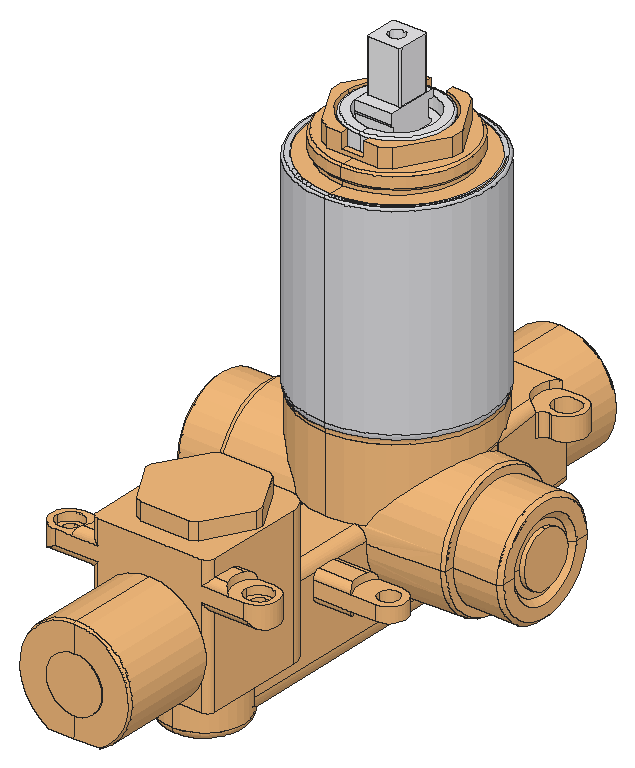
Revit family "Shower-VALVE-KOHLER-K-880T_1", category Plumbing Fixtures, host Face, Revit 2017
Family settings
  Host = Face
  Round Connector Dimension = Use Diameter
  Part Type = Normal
  OmniClass Number = 23.31.17.00
  OmniClass Title = Showers
  Cut with Voids When Loaded = No
  Shared = No
  Room Calculation Point = No
Parameters (values of type "CP- Polished Chrome")
  Width = 3 119/256"  # constant formula
  WaterSense Certified = 1 = 0  # no
  Waste Water Outlet = "Waste Water Outlet"  # constant formula
  Waste Connection = 1 = 0  # no
  Vent Connection = 1 = 0  # no
  URL = "http://www.kohler.com.cn/"
  Type = 1
  Tempered watet outlet 1 = "Tempered watet outlet 1"  # constant formula
  Tempered water outlet 2 = "Tempered water outlet 2"  # constant formula
  Product Page URL = "https://www.kohler.com.cn/product/K-880T-CP/K-880T-CP/"
  Product Name = "Aqua Turbo\r\n"  # constant formula
  Product Documentation Link = "https://files.kohler.com.cn/pdfs/880T.pdf"
  Pressure = 0.00 psi
  Model = if(Type = 1, "K-880T-CP", if(Type = 2, "K-880T-AF", if(Type = 3, "K-880T-SN", if(Type = 4, "K-880T-BN", if(Type = 5, "K-880T-BV", if(Type = 6, "K-880T-2BZ", "NA"))))))  # "K-880T-CP"
  Material = "Premium Metal construction"  # constant formula
  Master Format 2014 Name = "Residential Showers"  # constant formula
  Master Format 2014 = "22 42 23"  # constant formula
  Manufacturer Address = "Kohler Beijing Office (100016)b36-2-03-B, No. 88, Liuxiang Road, Beijing"  # constant formula
  Manufacturer = "KOHLER Co."  # constant formula
  Length = 5 3/8"  # constant formula
  Hot Water Inlet = "Hot Water Inlet"  # constant formula
  Height = 6 127/256"  # constant formula
  HW Connection = 1 = 1  # yes
  Flow Rate = 0 GPM
  Finish = Kohler-Metal-CP-Polished_Chrome
  Environmental Product Declaration = ""
  Drain Included = 1 = 0  # no
  Description = "40mm large flow in-wall shower spool"  # constant formula
  Default Elevation = 42"
  Declare Label = ""
  Date Modified = "02/25/2021"  # constant formula
  Date Created = "02/25/2021"  # constant formula
  Copyright = "Copyright KOHLER Co."  # constant formula
  Contact Us = "http://www.kohler.com.cn/contact/contact-us/"
  Cold Water Inlet = "Cold Water Inlet"  # constant formula
  CW Connection = 1 = 1  # yes
  Assembly Code = "D2010700"
  ADA Compliant = 1 = 0  # no
Reference planes (in)
  plane 1 "Center (Front/Back)": y = 0
  plane 2: z = 0
  plane 3 "Center (Left/Right)": x = 0
  plane 4: y = 2.20472
  plane 5: x = -1.73242
  plane 6: x = 1.73242
  plane 7: y = -2.55906
  plane 8: y = -4.29137
  plane 9: z = -2.46017
  plane 10: z = 2.87506
  plane 11: z = -1.43655
  plane 12: z = -2.49994
  plane 13: y = -0.18513
Forms (in)
  Extrusion 1, void
    sketch origin (0, 0, 0) x (0, 1, 0) y (0, 0, 1)
      loop
        line (2.20472, -0.49213) -> (-4.29137, -0.49213) -> (-4.29137, -2.5) -> (2.20472, -2.5) -> (2.20472, -0.49213)
    from -1.73228 to 1.73228
  Revolve 2, void
    sketch origin (0, 0, 0) x (1, 0, 0) y (0, 0, 1)
      loop
        line (0, 0.99418) -> (-0.96471, 0.99418) -> (-0.96471, -0.50899) -> (0, -0.50899) -> (0, 0.99418)
      axis (0, 0.99418) -> (0, -0.50899)
    angle from 0 to 360
  Extrusion 3, void
    sketch origin (0, 0, 0) x (1, 0, 0) y (0, 1, 0)
      loop
        arc (0.58917, -2.5974) -> (0.59045, -2.55906) -> (0.58917, -2.52071) r 0.57429
        line (0.58917, -2.52071) -> (0.32773, -2.06788)
        arc (0.32773, -2.06788) -> (0.29315, -2.04658) -> (0.25728, -2.02756) r 0.6267
        line (0.25728, -2.02756) -> (-0.25755, -2.02756)
        arc (-0.25755, -2.02756) -> (-0.29343, -2.04658) -> (-0.328, -2.06788) r 0.6267
        line (-0.328, -2.06788) -> (-0.58944, -2.52071)
        arc (-0.58944, -2.52071) -> (-0.59072, -2.55906) -> (-0.58944, -2.5974) r 0.57429
        line (-0.58944, -2.5974) -> (-0.328, -3.05023)
        arc (-0.328, -3.05023) -> (-0.29358, -3.07179) -> (-0.25755, -3.09055) r 0.51277
        line (-0.25755, -3.09055) -> (0.25728, -3.09055)
        arc (0.25728, -3.09055) -> (0.2933, -3.07179) -> (0.32773, -3.05023) r 0.51277
        line (0.32773, -3.05023) -> (0.58917, -2.5974)
    from -0.49213 to -0.24256
  Extrusion 4, void
    sketch origin (0, 0, 0) x (1, 0, 0) y (0, 1, 0)
      loop
        circle (-0.0012, 0.00049) r 0.97882
    from -0.49213 to 12
Dimensions and locks (in)
  host face to Extrusion 1 sketch curve = 2 1/2"
  "Height": plane 8 to plane 4
  equal spacing: plane 5, plane 3 "Center (Left/Right)", plane 6
  "Width": plane 5 to plane 6
  locked: plane 11 to plane 9 at 1.02362
  locked: level to plane 12 at 2.49994
  "Length": plane 10 to plane 12
  locked: plane 1 "Center (Front/Back)" to plane 7 at 2.55906
  plane 12 to level = 2.49994"
  aligned and locked: plane 2 to host face
  aligned and locked: level to host face
  aligned and locked: plane 4 to nested 1
  aligned and locked: plane 5 to nested 1
  aligned and locked: plane 6 to nested 1
  aligned and locked: plane 7 to nested 1
  aligned and locked: plane 8 to nested 1
  aligned and locked: plane 9 to nested 1
  aligned and locked: plane 10 to nested 1
  aligned and locked: plane 11 to nested 1
  aligned and locked: plane 12 to nested 1
Automatic sketch dimensions
  host sketch curve to host sketch curve = 96"  (x2)
  Extrusion 1 sketch curve to plane 8 = 0"
  Extrusion 1 sketch curve to plane 4 = 0"
  Extrusion 1 sketch curve to level = 0.49213"
  Revolve 2 sketch curve to plane 3 "Center (Left/Right)" = 0"  (x2)
  Revolve 2 sketch curve to plane 5 = 0.76771"
  Revolve 2 sketch curve to level = 0.50899"
  level to Revolve 2 sketch curve = 0.99418"
  Revolve 2 sketch curve to Revolve 2 sketch curve = 0.24418"
  Revolve 2 sketch curve to Revolve 2 sketch curve = 2.25582"
  plane 7 to Extrusion 3 sketch curve = 0"  (x2)
  Extrusion 3 sketch curve to plane 7 = 0.03835"  (x2)
  Extrusion 3 sketch curve to plane 3 "Center (Left/Right)" = 0.58944"
  plane 7 to Extrusion 3 sketch curve = 0.03835"  (x2)
  Extrusion 3 sketch curve to plane 3 "Center (Left/Right)" = 0.328"  (x2)
  Extrusion 3 sketch curve to Extrusion 3 sketch curve = 0.07045"  (x4)
  Extrusion 3 sketch curve to plane 3 "Center (Left/Right)" = 0.03888"
  Extrusion 3 sketch curve to plane 3 "Center (Left/Right)" = 0.01814"
  Extrusion 3 sketch curve to plane 3 "Center (Left/Right)" = 0.01643"
  plane 3 "Center (Left/Right)" to Extrusion 3 sketch curve = 0.01616"
  plane 3 "Center (Left/Right)" to Extrusion 3 sketch curve = 0.01786"
  plane 3 "Center (Left/Right)" to Extrusion 3 sketch curve = 0.0386"
  plane 3 "Center (Left/Right)" to Extrusion 3 sketch curve = 0.25728"  (x2)
  Extrusion 3 sketch curve to Extrusion 3 sketch curve = 0.26144"
  plane 7 to Extrusion 3 sketch curve = 0.06769"  (x2)
  plane 7 to Extrusion 3 sketch curve = 0.49118"
  plane 7 to Extrusion 3 sketch curve = 0.03145"  (x2)
  Extrusion 3 sketch curve to plane 7 = 0.49118"
  Extrusion 4 sketch curve to plane 1 "Center (Front/Back)" = 0.00049"
  Extrusion 4 sketch curve to plane 3 "Center (Left/Right)" = 0.0012"
  radius of Extrusion 4 sketch curve = 0.97882"
Nested families (in)
  nested 1: "K-880T" at (-0.00014, -4.29134, -1.43655) x (1, 0, 0) z (0, 1, 0), type "K-880T"
Connectors (in)
  piping at (-0.00014, -4.29134, -1.43655), diameter 0.5, driven by "Flow Rate", driven by "HW Connection", driven by "Tempered water outlet 2"
    settings: on nested 1, index 2, connector inside diameter 24", connector length 0", flow factor 0, pipe flow 0 GPM, pressure drop 0.00 psi, fitting loss kfactor 0, connector angle 0.00°, fixture units 0, engagement length 0", angle of deflection 0.00°, flow configuration 0, flow direction 2, fitting loss method 0, system type 19, joint type 0, gender type 0, connector reference index -1, connector utility 1, adjustable connector no, is connector primary yes, connector description "Tempered water outlet 2"
  piping at (-0.00014, 2.20472, -1.43655), diameter 0.5, driven by "Flow Rate", driven by "Tempered watet outlet 1", driven by "HW Connection"
    settings: on nested 1, index 3, connector inside diameter 24", connector length 0", flow factor 0, pipe flow 0 GPM, pressure drop 0.00 psi, fitting loss kfactor 0, connector angle 0.00°, fixture units 0, engagement length 0", angle of deflection 0.00°, flow configuration 0, flow direction 2, fitting loss method 0, system type 19, joint type 0, gender type 0, connector reference index -1, connector utility 1, adjustable connector no, is connector primary no, connector description "Tempered watet outlet 1"
  piping at (-1.73242, -0.18526, -1.43655), diameter 0.5, driven by "Flow Rate", driven by "HW Connection", driven by "Hot Water Inlet"
    settings: on nested 1, index 4, connector inside diameter 24", connector length 0", flow factor 0, pipe flow 0 GPM, pressure drop 0.00 psi, fitting loss kfactor 0, connector angle 0.00°, fixture units 0, engagement length 0", angle of deflection 0.00°, flow configuration 0, flow direction 1, fitting loss method 0, system type 19, joint type 0, gender type 0, connector reference index -1, connector utility 1, adjustable connector no, is connector primary no, connector description "Hot Water Inlet"
  piping at (1.73215, -0.18526, -1.43655), diameter 0.5, driven by "Flow Rate", driven by "CW Connection", driven by "Cold Water Inlet"
    settings: on nested 1, index 5, connector inside diameter 24", connector length 0", flow factor 0, pipe flow 0 GPM, pressure drop 0.00 psi, fitting loss kfactor 0, connector angle 0.00°, fixture units 0, engagement length 0", angle of deflection 0.00°, flow configuration 0, flow direction 1, fitting loss method 0, system type 20, joint type 0, gender type 0, connector reference index -1, connector utility 1, adjustable connector no, is connector primary no, connector description "Cold Water Inlet"
Definition of nested family "K-880T"
  Parameters (values of type "K-880T")
    Material = none
    Default Elevation = 48"
  Reference planes (in)
    plane 1 "Center (Front/Back)": y = 0
    plane 2: z = 0
    plane 3 "Center (Left/Right)": x = 0
    plane 4: z = 6.49606
    plane 5: x = 1.73228
    plane 6: x = -1.73228
    plane 7: y = 1.02362
    plane 8 "2": z = 4.29134
    plane 9: z = 1.73228
    plane 10: z = 1.73228
    plane 11: y = -4.31057
    plane 12: z = 0
    plane 13: y = 1.06339
    plane 14: z = 4.09449
    plane 15: y = -1.43661
  Forms (in)
    Revolve 1, solid, detail levels medium+fine
      sketch origin (0, 0, 0) x (0, 1, 0) y (0, 0, 1)
        loop
          line (0, 6.43701) -> (-0.3588, 6.43701) -> (-0.41785, 6.49606) -> (-0.55549, 6.49606) -> (-0.59055, 6.461) -> (-0.59055, 5.55118) -> (-0.63166, 5.55118) -> (-0.63166, 3.67118) -> (0, 3.67118) -> (0, 6.43701)
        axis (0, 6.49606) -> (0, 3.67118)
      angle from 0 to 360
    Revolve 2, solid, material <- "Material", detail levels medium+fine
      sketch origin (0, 0, 0) x (0, 1, 0) y (0, 0, 1)
        loop
          line (-3.11447, 4.29134) -> (-0.98258, 4.29134) -> (-0.98258, 5.24601)
          arc (-0.98258, 5.24601) -> (-1.00849, 5.25341) -> (-1.03532, 5.25591) r 0.14554
          line (-1.03532, 5.25591) -> (-3.16592, 5.25591)
          arc (-3.16592, 5.25591) -> (-3.1819, 5.24929) -> (-3.18852, 5.23331) r 0.0226
          line (-3.18852, 5.23331) -> (-3.18852, 5.18682) -> (-3.11447, 5.18682) -> (-3.11447, 4.29134)
        axis (-3.18852, 4.29134) -> (-0.98258, 4.29134)
      angle from 0 to 360
    Extrusion 3, solid, detail levels medium+fine
      sketch origin (0, 0, 0) x (1, 0, 0) y (0, 0, 1)
        loop
          arc (0.64674, 4.23043) -> (0.64964, 4.29134) -> (0.64674, 4.35225) r 0.64125
          line (0.64674, 4.35225) -> (0.37612, 4.82098)
          arc (0.37612, 4.82098) -> (0.3248, 4.85392) -> (0.27062, 4.88189) r 0.64924
          line (0.27062, 4.88189) -> (-0.27062, 4.88189)
          arc (-0.27062, 4.88189) -> (-0.3248, 4.85392) -> (-0.37612, 4.82098) r 0.64924
          line (-0.37612, 4.82098) -> (-0.64674, 4.35225)
          arc (-0.64674, 4.35225) -> (-0.64964, 4.29134) -> (-0.64674, 4.23043) r 0.64125
          line (-0.64674, 4.23043) -> (-0.37612, 3.7617)
          arc (-0.37612, 3.7617) -> (-0.32479, 3.72878) -> (-0.27062, 3.70079) r 0.65421
          line (-0.27062, 3.70079) -> (0.27062, 3.70079)
          arc (0.27062, 3.70079) -> (0.32479, 3.72878) -> (0.37612, 3.7617) r 0.65421
          line (0.37612, 3.7617) -> (0.64674, 4.23043)
        loop
          circle (0, 4.29134) r 0.52877
      from 3.37521 to 3.59403
    Extrusion 4, void, detail levels medium+fine
      sketch origin (0, 0, 0) x (1, 0, 0) y (0, 0, 1)
        loop
          line (-0.11811, 4.91623) -> (-0.11811, 4.79455)
          arc (-0.11811, 4.79455) -> (0, 4.80942) -> (0.11811, 4.79455) r 0.47636
          line (0.11811, 4.79455) -> (0.11811, 4.91623) -> (-0.11811, 4.91623)
        loop
          line (-0.11811, 3.66645) -> (0.11811, 3.66645) -> (0.11811, 3.78813)
          arc (0.11811, 3.78813) -> (0, 3.77326) -> (-0.11811, 3.78813) r 0.47636
          line (-0.11811, 3.78813) -> (-0.11811, 3.66645)
      from 3.43655 to 3.85598
    Extrusion 5, solid, detail levels medium+fine
      sketch origin (0, 0, 0) x (0, 1, 0) y (0, 0, 1)
        loop
          line (-3.52753, 4.45669) -> (-3.68065, 4.45669) -> (-3.68065, 4.50007)
          arc (-3.68065, 4.50007) -> (-3.68639, 4.51394) -> (-3.70026, 4.51969) r 0.01962
          line (-3.70026, 4.51969) -> (-3.75939, 4.51969) -> (-3.75939, 3.97244) -> (-3.65112, 3.97244)
          arc (-3.65112, 3.97244) -> (-3.63574, 3.97964) -> (-3.63143, 3.99606) r 0.02001
          line (-3.63143, 3.99606) -> (-3.44192, 3.99606) -> (-3.44192, 4.49507) -> (-3.48339, 4.49507) -> (-3.52753, 4.45669)
      from -0.19685 to 0.19685
    Extrusion 6, solid, detail levels medium+fine
      sketch origin (0, 0, 0) x (1, 0, 0) y (0, 0, 1)
        loop
          arc (0.17717, 4.44882) -> (0.1714, 4.46274) -> (0.15748, 4.4685) r 0.01969
          line (0.15748, 4.4685) -> (-0.15718, 4.4685)
          arc (-0.15718, 4.4685) -> (-0.17131, 4.46265) -> (-0.17717, 4.44852) r 0.01999
          line (-0.17717, 4.44852) -> (-0.17717, 4.13386)
          arc (-0.17717, 4.13386) -> (-0.1714, 4.11994) -> (-0.15748, 4.11417) r 0.01969
          line (-0.15748, 4.11417) -> (0.15748, 4.11417)
          arc (0.15748, 4.11417) -> (0.1714, 4.11994) -> (0.17717, 4.13386) r 0.01969
          line (0.17717, 4.13386) -> (0.17717, 4.44882)
      from 3.75939 to 4.31057
    Revolve 7, solid, detail levels medium+fine
      sketch origin (0, 0, 0) x (1, 0, 0) y (0, 0, 1)
        loop
          line (-1.67323, 4.09449) -> (1.67323, 4.09449) -> (1.67323, 4.45374) -> (1.73228, 4.5128) -> (1.73228, 4.64564) -> (1.69289, 4.68504) -> (1.22047, 4.68504) -> (1.22047, 4.76876)
          arc (1.22047, 4.76876) -> (1.19905, 4.78049) -> (1.17511, 4.78528) r 0.08072
          arc (1.17511, 4.78528) -> (0.00002, 4.81196) -> (-1.17507, 4.78528) r 25.88884
          arc (-1.17507, 4.78528) -> (-1.19901, 4.78054) -> (-1.22047, 4.76894) r 0.08163
          line (-1.22047, 4.76894) -> (-1.22047, 4.68505) -> (-1.69288, 4.68505) -> (-1.73228, 4.64564) -> (-1.73228, 4.5128) -> (-1.67323, 4.45374) -> (-1.67323, 4.09449)
        axis (1.73228, 4.09449) -> (-1.73228, 4.09449)
      angle from 0 to 360
    Extrusion 8, solid, detail levels medium+fine
      sketch origin (0, 0, 0) x (1, 0, 0) y (0, 1, 0)
        loop
          arc (-0.19685, 1.02362) -> (-0.33604, 0.96597) -> (-0.3937, 0.82677) r 0.19685
          line (-0.3937, 0.82677) -> (-0.3937, -0.01923)
          arc (-0.3937, -0.01923) -> (-0.35911, -0.10275) -> (-0.27559, -0.13734) r 0.11811
          line (-0.27559, -0.13734) -> (0.27559, -0.13734)
          arc (0.27559, -0.13734) -> (0.35911, -0.10275) -> (0.3937, -0.01923) r 0.11811
          line (0.3937, -0.01923) -> (0.3937, 0.82677)
          arc (0.3937, 0.82677) -> (0.33604, 0.96597) -> (0.19685, 1.02362) r 0.19685
          line (0.19685, 1.02362) -> (-0.19685, 1.02362)
      from 1.77559 to 5.55118
    Extrusion 9, void
      sketch origin (0, 0, 0) x (0, 1, 0) y (0, 0, 1)
        loop
          arc (0.62992, 5.55118) -> (0.90831, 5.43587) -> (1.02362, 5.15748) r 0.3937
          line (1.02362, 5.15748) -> (1.02362, 5.55118) -> (0.62992, 5.55118)
      from -2.00851 to 3.20253
    SweptBlend 10, solid, detail levels medium+fine
      path origin (0, 0, 0) x (1, 0, 0) y (0, 0, 1)
        loop
          line (0, 5.49213) -> (0, 4.31102)
      profile origin (0, 0, 5.49213) x (0, -1, 0) y (1, 0, 0)
        loop
          arc (0.68852, -0.83632) -> (0.7442, -0.81326) -> (0.76726, -0.75758) r 0.07874
          line (0.76726, -0.75758) -> (0.76726, 0.75758)
          arc (0.76726, 0.75758) -> (0.7442, 0.81326) -> (0.68852, 0.83632) r 0.07874
          line (0.68852, 0.83632) -> (-0.13854, 0.83632)
          arc (-0.13854, 0.83632) -> (-0.19401, 0.81334) -> (-0.21699, 0.75787) r 0.07845
          line (-0.21699, 0.75787) -> (-0.21699, 0.64422)
          arc (-0.21699, 0.64422) -> (-0.23124, 0.59283) -> (-0.26992, 0.55612) r 0.09977
          line (-0.26992, 0.55612) -> (-0.26992, -0.55612)
          arc (-0.26992, -0.55612) -> (-0.23124, -0.59283) -> (-0.21699, -0.64422) r 0.09977
          line (-0.21699, -0.64422) -> (-0.21699, -0.75787)
          arc (-0.21699, -0.75787) -> (-0.19401, -0.81334) -> (-0.13854, -0.83632) r 0.07845
          line (-0.13854, -0.83632) -> (0.68852, -0.83632)
      end profile origin (0, 0, 4.31102) x (0, -1, 0) y (1, 0, 0)
        loop
          arc (0.64915, -0.94488) -> (0.73267, -0.91029) -> (0.76726, -0.82677) r 0.11811
          line (0.76726, -0.82677) -> (0.76726, 0.82677)
          arc (0.76726, 0.82677) -> (0.73267, 0.91029) -> (0.64915, 0.94488) r 0.11811
          line (0.64915, 0.94488) -> (-0.13825, 0.94488)
          arc (-0.13825, 0.94488) -> (-0.19393, 0.92182) -> (-0.21699, 0.86614) r 0.07874
          line (-0.21699, 0.86614) -> (-0.21699, 0.64422)
          arc (-0.21699, 0.64422) -> (-0.23118, 0.59305) -> (-0.2697, 0.5565) r 0.09934
          line (-0.2697, 0.5565) -> (-0.2697, 0) -> (-0.2697, -0.5565)
          arc (-0.2697, -0.5565) -> (-0.23118, -0.59305) -> (-0.21699, -0.64422) r 0.09934
          line (-0.21699, -0.64422) -> (-0.21699, -0.86614)
          arc (-0.21699, -0.86614) -> (-0.19393, -0.92182) -> (-0.13825, -0.94488) r 0.07874
          line (-0.13825, -0.94488) -> (0.64915, -0.94488)
    Extrusion 11, solid, detail levels medium+fine
      sketch origin (0, 0, 0) x (1, 0, 0) y (0, 0, 1)
        loop
          line (-0.68969, 5.49213) -> (-1.00394, 5.49213)
          arc (-1.00394, 5.49213) -> (-1.20079, 5.29528) -> (-1.00394, 5.09843) r 0.19685
          line (-1.00394, 5.09843) -> (-0.96554, 5.09843)
          arc (-0.96554, 5.09843) -> (-0.92359, 5.08637) -> (-0.89445, 5.05388) r 0.079
          arc (-0.89445, 5.05388) -> (-0.87191, 5.02875) -> (-0.83947, 5.01943) r 0.06109
          line (-0.83947, 5.01943) -> (-0.68969, 5.01943) -> (-0.68969, 5.49213)
        loop
          line (0.68969, 5.49213) -> (0.68969, 5.01943) -> (0.83994, 5.01943)
          arc (0.83994, 5.01943) -> (0.87143, 5.02573) -> (0.89263, 5.04984) r 0.05013
          arc (0.89263, 5.04984) -> (0.92173, 5.08517) -> (0.96554, 5.09843) r 0.079
          line (0.96554, 5.09843) -> (1.00394, 5.09843)
          arc (1.00394, 5.09843) -> (1.20079, 5.29528) -> (1.00394, 5.49213) r 0.19685
          line (1.00394, 5.49213) -> (0.68969, 5.49213)
        loop
          circle (-1.00394, 5.29528) r 0.08225
        loop
          circle (1.00394, 5.29528) r 0.08225
      from 0.4523 to 0.68852
    Extrusion 12, void, detail levels medium+fine
      sketch origin (0, 0, 0) x (1, 0, 0) y (0, 0, 1)
        loop
          arc (-0.71601, 5.41339) -> (-0.77351, 5.48258) -> (-0.86011, 5.50696) r 0.15146
          line (-0.86011, 5.50696) -> (-0.91287, 5.05121)
          arc (-0.91287, 5.05121) -> (-0.86223, 5.03378) -> (-0.81159, 5.05121) r 0.08228
          arc (-0.81159, 5.05121) -> (-0.7028, 5.2162) -> (-0.71601, 5.41339) r 0.30956
      from 0.68852 to 0.82632
    Extrusion 13, void, detail levels medium+fine
      sketch origin (0, 0, 0) x (-1, 0, 0) y (0, 0, -1)
        loop
          arc (-0.71601, -5.41339) -> (-0.7028, -5.2162) -> (-0.81159, -5.05121) r 0.30956
          arc (-0.81159, -5.05121) -> (-0.85275, -5.03433) -> (-0.89669, -5.04135) r 0.08228
          line (-0.89669, -5.04135) -> (-0.84285, -5.50645)
          arc (-0.84285, -5.50645) -> (-0.7664, -5.47767) -> (-0.71601, -5.41339) r 0.15146
      from 0.68852 to 0.82632
    Extrusion 14, void, detail levels medium+fine
      sketch origin (0, 0, 0) x (-1, 0, 0) y (0, 0, -1)
        loop
          circle (1.00362, -5.29501) r 0.14173
      from 0.5315 to 1.83025
    Extrusion 15, void, detail levels medium+fine
      sketch origin (0, 0, 0) x (1, 0, 0) y (0, 0, 1)
        loop
          circle (1.00362, 5.29501) r 0.14173
      from 0.5315 to 1.83025
    Extrusion 16, solid, detail levels medium+fine
      sketch origin (0, 0, 0) x (1, 0, 0) y (0, 0, 1)
        loop
          line (0.39349, 2.36221) -> (-0.39393, 2.36221)
          arc (-0.39393, 2.36221) -> (-0.5608, 2.29309) -> (-0.62992, 2.12621) r 0.23599
          line (-0.62992, 2.12621) -> (-0.62992, 1.08193)
          arc (-0.62992, 1.08193) -> (-0.60708, 1.02678) -> (-0.55193, 1.00394) r 0.07799
          line (-0.55193, 1.00394) -> (0.55193, 1.00394)
          arc (0.55193, 1.00394) -> (0.60708, 1.02678) -> (0.62992, 1.08193) r 0.07799
          line (0.62992, 1.08193) -> (0.62992, 2.12578)
          arc (0.62992, 2.12578) -> (0.56067, 2.29296) -> (0.39349, 2.36221) r 0.23643
      from -0.51227 to 0.94443
    Revolve 17, solid, detail levels medium+fine
      sketch origin (0, 0, 0) x (0, 1, 0) y (0, 0, 1)
        loop
          line (0.59101, 1.30906) -> (0.98471, 1.30906)
          arc (0.98471, 1.30906) -> (1.04039, 1.33212) -> (1.06345, 1.3878) r 0.07874
          line (1.06345, 1.3878) -> (1.06345, 1.73228) -> (0.51227, 1.73228) -> (0.51227, 1.23032)
          arc (0.51227, 1.23032) -> (0.53533, 1.286) -> (0.59101, 1.30906) r 0.07874
        axis (1.06345, 1.73228) -> (0.51227, 1.73228)
      angle from 0 to 360
    Extrusion 18, solid, detail levels medium+fine
      sketch origin (0, 0, 0) x (1, 0, 0) y (0, 0, 1)
        loop
          arc (0.32786, 2.22346) -> (0.29329, 2.24476) -> (0.25742, 2.26378) r 0.6267
          line (0.25742, 2.26378) -> (-0.25742, 2.26378)
          arc (-0.25742, 2.26378) -> (-0.29329, 2.24476) -> (-0.32786, 2.22346) r 0.6267
          line (-0.32786, 2.22346) -> (-0.5893, 1.77063)
          arc (-0.5893, 1.77063) -> (-0.59059, 1.73228) -> (-0.5893, 1.69393) r 0.57429
          line (-0.5893, 1.69393) -> (-0.32786, 1.24111)
          arc (-0.32786, 1.24111) -> (-0.29344, 1.21955) -> (-0.25742, 1.20079) r 0.51277
          line (-0.25742, 1.20079) -> (0.25742, 1.20079)
          arc (0.25742, 1.20079) -> (0.29344, 1.21955) -> (0.32786, 1.24111) r 0.51277
          line (0.32786, 1.24111) -> (0.5893, 1.69393)
          arc (0.5893, 1.69393) -> (0.59059, 1.73228) -> (0.5893, 1.77063) r 0.57429
          line (0.5893, 1.77063) -> (0.32786, 2.22346)
      from 0.94443 to 1.12159
    Revolve 19, solid, detail levels medium+fine
      sketch origin (0, 0.00735, 0) x (0, 1, 0) y (0, 0, 1)
        loop
          line (-0.00735, 1.09495) -> (-0.59744, 1.09495) -> (-0.59744, 0.03937)
          arc (-0.59744, 0.03937) -> (-0.59475, 0.01899) -> (-0.58689, 0) r 0.07874
          line (-0.58689, 0) -> (-0.00735, 0) -> (-0.00735, 1.09495)
        axis (-0.00735, 0) -> (-0.00735, 1.09495)
      angle from 0 to 360
    Extrusion 20, solid, detail levels medium+fine
      sketch origin (0, 0, 0) x (0, 1, 0) y (0, 0, 1)
        loop
          arc (0.04115, 3.0315) -> (-0.01546, 3.00805) -> (-0.03891, 2.95143) r 0.08006
          line (-0.03891, 2.95143) -> (-0.03891, 2.75591)
          arc (-0.03891, 2.75591) -> (-0.01585, 2.70023) -> (0.03983, 2.67717) r 0.07875
          line (0.03983, 2.67717) -> (0.19922, 2.67717)
          arc (0.19922, 2.67717) -> (0.25355, 2.69967) -> (0.27605, 2.75399) r 0.07682
          line (0.27605, 2.75399) -> (0.27605, 2.95419)
          arc (0.27605, 2.95419) -> (0.2534, 3.00885) -> (0.19874, 3.0315) r 0.07731
          line (0.19874, 3.0315) -> (0.04115, 3.0315)
      from 0.19685 to 0.87661
    Extrusion 21, void, detail levels medium+fine
      sketch origin (0, 0, 0) x (1, 0, 0) y (0, 0, 1)
        loop
          line (-0.80258, 3.0315) -> (-0.91954, 3.0315) -> (-0.91954, 2.67717) -> (-0.80258, 2.67717)
          arc (-0.80258, 2.67717) -> (-0.74738, 2.85433) -> (-0.80258, 3.0315) r 0.3119
      from -0.03983 to 0.289
    Extrusion 22, void, detail levels medium+fine
      sketch origin (0, 0.23989, 0) x (1, 0, 0) y (0, 0, -1)
        loop
          arc (-0.80258, -3.0315) -> (-0.74738, -2.85433) -> (-0.80258, -2.67717) r 0.3119
          line (-0.80258, -2.67717) -> (-0.91954, -2.67717) -> (-0.91954, -3.0315) -> (-0.80258, -3.0315)
      from -0.03983 to 0.289
    Extrusion 23, void, detail levels medium+fine
      sketch origin (0, 0, 0) x (-1, 0, 0) y (0, 0, -1)
        loop
          arc (-0.80258, -3.0315) -> (-0.74738, -2.85433) -> (-0.80258, -2.67717) r 0.3119
          line (-0.80258, -2.67717) -> (-0.91954, -2.67717) -> (-0.91954, -3.0315) -> (-0.80258, -3.0315)
      from -0.03983 to 0.289
    Extrusion 24, void, detail levels medium+fine
      sketch origin (0, 0.23989, 0) x (-1, 0, 0) y (0, 0, 1)
        loop
          line (-0.80258, 3.0315) -> (-0.91954, 3.0315) -> (-0.91954, 2.67717) -> (-0.80258, 2.67717)
          arc (-0.80258, 2.67717) -> (-0.74738, 2.85433) -> (-0.80258, 3.0315) r 0.3119
      from -0.03983 to 0.289
    Extrusion 25, solid, detail levels medium+fine
      sketch origin (0, 0, 0) x (0, 1, 0) y (0, 0, -1)
        loop
          line (0.04115, -3.0315) -> (0.19874, -3.0315)
          arc (0.19874, -3.0315) -> (0.2534, -3.00885) -> (0.27605, -2.95419) r 0.07731
          line (0.27605, -2.95419) -> (0.27605, -2.75399)
          arc (0.27605, -2.75399) -> (0.25355, -2.69967) -> (0.19922, -2.67717) r 0.07682
          line (0.19922, -2.67717) -> (0.03983, -2.67717)
          arc (0.03983, -2.67717) -> (-0.01585, -2.70023) -> (-0.03891, -2.75591) r 0.07875
          line (-0.03891, -2.75591) -> (-0.03891, -2.95143)
          arc (-0.03891, -2.95143) -> (-0.01546, -3.00805) -> (0.04115, -3.0315) r 0.08006
      from 0.19685 to 0.87661
    Extrusion 26, solid, detail levels medium+fine
      sketch origin (0, 0, 0) x (1, 0, 0) y (0, 0, 1)
        loop
          line (0.87661, 3.0315) -> (0.87661, 2.67717) -> (1.06299, 2.67717)
          arc (1.06299, 2.67717) -> (1.24016, 2.85433) -> (1.06299, 3.0315) r 0.17717
          line (1.06299, 3.0315) -> (0.87661, 3.0315)
        loop
          circle (1.06299, 2.85433) r 0.1066
      from -0.19731 to -0.03983
    Extrusion 27, solid, detail levels medium+fine
      sketch origin (0, 0, 0) x (-1, 0, 0) y (0, 0, -1)
        loop
          line (0.87661, -3.0315) -> (1.06299, -3.0315)
          arc (1.06299, -3.0315) -> (1.24016, -2.85433) -> (1.06299, -2.67717) r 0.17717
          line (1.06299, -2.67717) -> (0.87661, -2.67717) -> (0.87661, -3.0315)
        loop
          circle (1.06299, -2.85433) r 0.10825
      from -0.19731 to -0.03983
    Extrusion 28, solid, detail levels medium+fine
      sketch origin (0, 0, 0) x (0, 1, 0) y (0, 0, 1)
        loop
          arc (-0.68801, 1.39764) -> (-0.74477, 1.37413) -> (-0.76828, 1.31737) r 0.08027
          line (-0.76828, 1.31737) -> (-0.76828, 1.0825)
          arc (-0.76828, 1.0825) -> (-0.74527, 1.02695) -> (-0.68972, 1.00394) r 0.07856
          line (-0.68972, 1.00394) -> (-0.53104, 1.00394)
          arc (-0.53104, 1.00394) -> (-0.47536, 1.027) -> (-0.4523, 1.08268) r 0.07874
          line (-0.4523, 1.08268) -> (-0.4523, 1.31802)
          arc (-0.4523, 1.31802) -> (-0.47562, 1.37432) -> (-0.53192, 1.39764) r 0.07962
          line (-0.53192, 1.39764) -> (-0.68801, 1.39764)
      from 0.1377 to 1.22434
    Extrusion 29, void, detail levels medium+fine
      sketch origin (0, 0, 0) x (1, 0, 0) y (0, 0, 1)
        loop
          arc (0.82541, 1.39764) -> (0.74272, 1.20079) -> (0.82541, 1.00394) r 0.27565
          line (0.82541, 1.00394) -> (1.28403, 1.00394) -> (1.28403, 1.39764) -> (0.82541, 1.39764)
      from 0.68852 to 1.83025
    Extrusion 30, void
      sketch origin (0, 0, 0) x (1, 0, 0) y (0, 0, 1)
        loop
          arc (1.00394, 1.39764) -> (1.20079, 1.20079) -> (1.00394, 1.00394) r 0.19685
          line (1.00394, 1.00394) -> (1.29402, 1.00394) -> (1.29402, 1.39764) -> (1.00394, 1.39764)
      from 0 to 1.67277
    Extrusion 31, void
      sketch origin (0, 0, 0) x (1, 0, 0) y (0, 0, 1)
        loop
          circle (1.00272, 1.20016) r 0.14173
      from 0.60651 to 3.18852
    Extrusion 32, void
      sketch origin (0, 0, 0) x (1, 0, 0) y (0, 0, 1)
        loop
          circle (1.00387, 1.20072) r 0.08268
      from -1.60727 to 1.02111
    Extrusion 33, solid, detail levels medium+fine
      sketch origin (0, 0, 0) x (0, 1, 0) y (0, 0, -1)
        loop
          line (-0.68801, -1.39764) -> (-0.53192, -1.39764)
          arc (-0.53192, -1.39764) -> (-0.47562, -1.37432) -> (-0.4523, -1.31802) r 0.07962
          line (-0.4523, -1.31802) -> (-0.4523, -1.08268)
          arc (-0.4523, -1.08268) -> (-0.47536, -1.027) -> (-0.53104, -1.00394) r 0.07874
          line (-0.53104, -1.00394) -> (-0.68972, -1.00394)
          arc (-0.68972, -1.00394) -> (-0.74527, -1.02695) -> (-0.76828, -1.0825) r 0.07856
          line (-0.76828, -1.0825) -> (-0.76828, -1.31737)
          arc (-0.76828, -1.31737) -> (-0.74477, -1.37413) -> (-0.68801, -1.39764) r 0.08027
      from 0.1377 to 1.22434
    Extrusion 34, void, detail levels medium+fine
      sketch origin (0, 0, 0) x (-1, 0, 0) y (0, 0, -1)
        loop
          line (0.82541, -1.39764) -> (1.28403, -1.39764) -> (1.28403, -1.00394) -> (0.82541, -1.00394)
          arc (0.82541, -1.00394) -> (0.74272, -1.20079) -> (0.82541, -1.39764) r 0.27565
      from 0.68852 to 1.83025
    Extrusion 35, void
      sketch origin (0, 0, 0) x (-1, 0, 0) y (0, 0, -1)
        loop
          line (1.00394, -1.39764) -> (1.29402, -1.39764) -> (1.29402, -1.00394) -> (1.00394, -1.00394)
          arc (1.00394, -1.00394) -> (1.20079, -1.20079) -> (1.00394, -1.39764) r 0.19685
      from 0 to 1.67277
    Extrusion 36, void
      sketch origin (0, 0, 0) x (-1, 0, 0) y (0, 0, -1)
        loop
          circle (1.00272, -1.20016) r 0.14173
      from 0.60651 to 3.18852
    Extrusion 37, void
      sketch origin (0, 0, 0) x (-1, 0, 0) y (0, 0, -1)
        loop
          circle (1.00387, -1.20072) r 0.08268
      from -1.60727 to 1.02111
    Extrusion 38, void
      sketch origin (0, 0, 0) x (1, 0, 0) y (0, 0, 1)
        loop
          circle (-0.00106, 4.29183) r 0.08268
      from 2.40877 to 5.36699
    Extrusion 39, void
      sketch origin (0, 0, 0) x (1, 0, 0) y (0, 1, 0)
        loop
          line (0.32579, 0.51227) -> (0.32579, 0.61637) -> (-0.34239, 0.61637) -> (-0.34239, 0.51227) -> (0.32579, 0.51227)
      from 0 to 1.12205
    Revolve 40, solid, material <- "Material", detail levels coarse
      sketch origin (0, 0, 0) x (0, 1, 0) y (0, 0, 1)
        loop
          line (-3.75939, 4.29134) -> (0.12373, 4.29134) -> (0.12373, 5.25591) -> (-3.75939, 5.25591) -> (-3.75939, 4.29134)
        axis (-3.75939, 4.29134) -> (0.12373, 4.29134)
      angle from 0 to 360
    Extrusion 41, solid, detail levels coarse
      sketch origin (0, 0, 0) x (0, 1, 0) y (0, 0, 1)
        loop
          line (-3.75939, 4.4685) -> (-4.31057, 4.4685) -> (-4.31057, 4.11417) -> (-3.75939, 4.11417) -> (-3.75939, 4.4685)
      from -0.17717 to 0.17717
    Revolve 42, solid, detail levels coarse
      sketch origin (0, 0, 0) x (0, 1, 0) y (0, 0, 1)
        loop
          line (0, 6.49606) -> (0, 4.97249) -> (0.59055, 4.97249) -> (0.59055, 6.49606) -> (0, 6.49606)
        axis (0, 6.49606) -> (0, 4.97249)
      angle from 0 to 360
    Revolve 43, solid, detail levels coarse
      sketch origin (0, 0, 0) x (1, 0, 0) y (0, 0, 1)
        loop
          line (-1.73228, 4.09449) -> (1.73228, 4.09449) -> (1.73228, 4.78528) -> (-1.73228, 4.78528) -> (-1.73228, 4.09449)
        axis (-1.73228, 4.09449) -> (1.73228, 4.09449)
      angle from 0 to 360
    Extrusion 44, solid, detail levels coarse
      sketch origin (0, 0, 0) x (1, 0, 0) y (0, 1, 0)
        loop
          line (-1.20079, -0.68852) -> (1.22047, -0.68852) -> (1.22047, 0.27761) -> (-1.20079, 0.27761) -> (-1.20079, -0.68852)
      from 4.11417 to 5.49213
    Extrusion 45, solid, detail levels coarse
      sketch origin (0, 0, 0) x (0, 1, 0) y (0, 0, 1)
        loop
          line (-0.13734, 1.73228) -> (1.02362, 1.73228) -> (1.02362, 5.55118) -> (-0.13734, 5.55118) -> (-0.13734, 1.73228)
      from -0.3937 to 0.3937
    Extrusion 46, solid, detail levels coarse
      sketch origin (0, 0, 0) x (1, 0, 0) y (0, 0, 1)
        loop
          line (-0.62992, 1.00394) -> (0.62992, 1.00394) -> (0.62992, 2.36421) -> (-0.62992, 2.36421) -> (-0.62992, 1.00394)
      from -0.51227 to 0.94443
    Extrusion 47, solid, detail levels coarse
      sketch origin (0, 0, 0) x (1, 0, 0) y (0, 0, 1)
        loop
          line (-0.30459, 2.26378) -> (-0.61145, 1.73228) -> (-0.30459, 1.20079) -> (0.30459, 1.20079) -> (0.61145, 1.73228) -> (0.30459, 2.26378) -> (-0.30459, 2.26378)
      from 0.94443 to 1.12159
    Revolve 48, solid, detail levels coarse
      sketch origin (0, 0, 0) x (0, 1, 0) y (0, 0, 1)
        loop
          line (1.06339, 1.73228) -> (0.23753, 1.73228) -> (0.23753, 1.3058) -> (1.06339, 1.3058) -> (1.06339, 1.73228)
        axis (1.06339, 1.73228) -> (0.23753, 1.73228)
      angle from 0 to 360
    Revolve 49, solid, detail levels coarse
      sketch origin (0, 0, 0) x (0, 1, 0) y (0, 0, 1)
        loop
          line (0, 0) -> (0, 1.00394) -> (-0.59009, 1.00394) -> (-0.59009, 0) -> (0, 0)
        axis (0, 0) -> (0, 1.00394)
      angle from 0 to 360
    Extrusion 50, solid, detail levels coarse
      sketch origin (0, 0, 0) x (0, 1, 0) y (0, 0, 1)
        loop
          line (-0.4523, 1.39764) -> (-0.76828, 1.39764) -> (-0.76828, 1.00394) -> (-0.4523, 1.00394) -> (-0.4523, 1.39764)
        loop
          line (-0.03891, 3.0315) -> (-0.03891, 2.67717) -> (0.27605, 2.67717) -> (0.27605, 3.0315) -> (-0.03891, 3.0315)
      from -1.24898 to 1.24518
    Extrusion 51, solid
      sketch origin (0, 0, 0) x (1, 0, 0) y (0, 1, 0)
        loop
          circle (0, 0) r 0.29654
      from 0 to 0.35207
    Extrusion 52, solid
      sketch origin (0, 0, 0) x (1, 0, 0) y (0, 1, 0)
        loop
          circle (0, 0) r 0.34157
      from 5.91752 to 6.49606
    Extrusion 53, solid
      sketch origin (0, 0, 0) x (0, 1, 0) y (0, 0, 1)
        loop
          circle (0, 4.10608) r 0.28611
      from -1.73228 to 1.73228
    Revolve 54, solid, detail levels medium+fine
      sketch origin (0, 0, 0) x (0, 1, 0) y (0, 0, 1)
        loop
          line (-3.18852, 5.00984) -> (-3.22986, 5.00984) -> (-3.25943, 5.03941) -> (-3.37521, 5.03941) -> (-3.39718, 5.01744) -> (-3.39718, 4.29134) -> (-3.04403, 4.29134) -> (-3.04403, 5.20621) -> (-3.18852, 5.20621) -> (-3.18852, 5.00984)
        axis (-3.39718, 4.29134) -> (-3.04403, 4.29134)
      angle from 0 to 360
    Revolve 55, solid, detail levels medium+fine
      sketch origin (0, 0, 0) x (0, 1, 0) y (0, 0, 1)
        loop
          line (-0.01723, 4.29134) -> (-0.01723, 5.23623) -> (-0.93353, 5.23623)
          arc (-0.93353, 5.23623) -> (-0.95854, 5.2387) -> (-0.98258, 5.24601) r 0.12779
          line (-0.98258, 5.24601) -> (-0.98258, 4.29134) -> (-0.01723, 4.29134)
        axis (-0.98258, 4.29134) -> (-0.01723, 4.29134)
      angle from 0 to 360
    Revolve 56, solid, detail levels medium+fine
      sketch origin (0, 0, 0) x (0, 1, 0) y (0, 0, 1)
        loop
          arc (-3.57043, 4.79261) -> (-3.58712, 4.78569) -> (-3.59403, 4.76901) r 0.0236
          line (-3.59403, 4.76901) -> (-3.59403, 4.67946) -> (-3.45827, 4.67946) -> (-3.45827, 4.29134) -> (-3.39718, 4.29134) -> (-3.39718, 4.79261) -> (-3.57043, 4.79261)
        axis (-3.59403, 4.29134) -> (-3.39718, 4.29134)
      angle from 0 to 360
  Cuts and joins
    Extrusion 38 cuts Revolve 7
    Extrusion 9, Extrusion 38, Extrusion 39 cuts Extrusion 8
    Extrusion 12, Extrusion 13, Extrusion 14, Extrusion 15, Extrusion 38, Extrusion 39 cuts SweptBlend 10
    Extrusion 14, Extrusion 15, Extrusion 38, Extrusion 39 cuts Extrusion 11
    Extrusion 21, Extrusion 22, Extrusion 23, Extrusion 24, Extrusion 38, Extrusion 39 cuts Extrusion 20
    Extrusion 21, Extrusion 22, Extrusion 38, Extrusion 39 cuts Extrusion 25
    Extrusion 38, Extrusion 39 cuts Extrusion 26
    Extrusion 38, Extrusion 39 cuts Extrusion 27
    joined: Revolve 7, Extrusion 8, SweptBlend 10, Extrusion 11, Extrusion 20, Extrusion 25, Extrusion 26, Extrusion 27
    Extrusion 39 cuts Extrusion 16
    Extrusion 39 cuts Revolve 17
    Extrusion 39 cuts Extrusion 18
    Extrusion 39 cuts Revolve 19
    Extrusion 29, Extrusion 30, Extrusion 31, Extrusion 32, Extrusion 34, Extrusion 35, Extrusion 36, Extrusion 37, Extrusion 39 cuts Extrusion 28
    Extrusion 34, Extrusion 35, Extrusion 36, Extrusion 37, Extrusion 39 cuts Extrusion 33
    joined: Extrusion 16, Revolve 17, Extrusion 18, Revolve 19, Extrusion 28, Extrusion 33
    Extrusion 30, Extrusion 35 cuts Extrusion 50
    joined: Extrusion 44, Extrusion 45, Extrusion 46, Extrusion 47, Revolve 48, Revolve 49, Extrusion 50
    Extrusion 4, Extrusion 38 cuts Extrusion 3
    joined: Extrusion 3, Revolve 54
    Extrusion 38 cuts Extrusion 5
    Extrusion 38 cuts Extrusion 6
    joined: Extrusion 5, Extrusion 6
    Extrusion 4, Extrusion 38 cuts Revolve 2
    Extrusion 38 cuts Revolve 1
  Lines and regions (in)
    Masking region 1, detail levels medium+fine
      outline origin (0, 0, 0) x (1, 0, 0) y (0, 1, 0)
        loop
          line (0.00005, 1.06345) -> (-0.34438, 1.06345)
          arc (-0.34438, 1.06345) -> (-0.40013, 1.04035) -> (-0.42323, 0.9846) r 0.07885
          line (-0.42323, 0.9846) -> (-0.42323, 0.71358)
          arc (-0.42323, 0.71358) -> (-0.79939, 0.70486) -> (-1.1754, 0.69077) r 26.36747
          arc (-1.1754, 0.69077) -> (-1.19903, 0.68618) -> (-1.22047, 0.67491) r 0.08298
          line (-1.22047, 0.67491) -> (-1.22047, 0.59056) -> (-1.69288, 0.59056) -> (-1.73228, 0.55116) -> (-1.73228, 0) -> (-1.73228, -0.55116) -> (-1.69288, -0.59056) -> (-1.22047, -0.59056) -> (-1.22047, -0.67538)
          arc (-1.22047, -0.67538) -> (-1.19889, -0.68684) -> (-1.1749, -0.69151) r 0.08298
          arc (-1.1749, -0.69151) -> (-1.08672, -0.6953) -> (-0.99852, -0.69879) r 26.36747
          arc (-0.99852, -0.69879) -> (-0.96048, -0.71583) -> (-0.94489, -0.75449) r 0.05574
          line (-0.94489, -0.75449) -> (-0.94489, -0.93403)
          arc (-0.94489, -0.93403) -> (-0.94706, -0.95726) -> (-0.95351, -0.97969) r 0.12531
          arc (-0.95351, -0.97969) -> (-0.96178, -1.00849) -> (-0.96457, -1.03832) r 0.1609
          line (-0.96457, -1.03832) -> (-0.96457, -1.43661) -> (0.96457, -1.43661) -> (0.96457, -1.03832)
          arc (0.96457, -1.03832) -> (0.96178, -1.00849) -> (0.95351, -0.97969) r 0.1609
          arc (0.95351, -0.97969) -> (0.94706, -0.95726) -> (0.94489, -0.93403) r 0.12531
          line (0.94489, -0.93403) -> (0.94489, -0.75482)
          arc (0.94489, -0.75482) -> (0.96057, -0.71592) -> (0.99885, -0.69878) r 0.05609
          arc (0.99885, -0.69878) -> (1.08688, -0.69529) -> (1.1749, -0.69151) r 26.36747
          arc (1.1749, -0.69151) -> (1.19889, -0.68684) -> (1.22047, -0.67538) r 0.08298
          line (1.22047, -0.67538) -> (1.22047, -0.59056) -> (1.69288, -0.59056) -> (1.73228, -0.55116) -> (1.73228, 0) -> (1.73228, 0.55116) -> (1.69288, 0.59056) -> (1.22047, 0.59056) -> (1.22047, 0.67491)
          arc (1.22047, 0.67491) -> (1.19903, 0.68618) -> (1.17525, 0.69078) r 0.08298
          arc (1.17525, 0.69078) -> (0.79939, 0.70486) -> (0.42323, 0.71358) r 26.36747
          line (0.42323, 0.71358) -> (0.42323, 0.9846)
          arc (0.42323, 0.9846) -> (0.40013, 1.04035) -> (0.34438, 1.06345) r 0.07885
          line (0.34438, 1.06345) -> (0.00005, 1.06345)
    Masking region 2
      outline origin (0, 0, 0) x (0, 1, 0) y (0, 0, 1)
        loop
          line (-4.31057, 4.4685) -> (-4.31057, 4.11417) -> (-3.75939, 4.11417) -> (-3.75939, 3.97244) -> (-3.65112, 3.97244)
          arc (-3.65112, 3.97244) -> (-3.63574, 3.97964) -> (-3.63143, 3.99606) r 0.02001
          line (-3.63143, 3.99606) -> (-3.59403, 3.99606) -> (-3.59403, 3.70079) -> (-3.39718, 3.70079) -> (-3.39718, 3.56524) -> (-3.37521, 3.54327) -> (-3.25943, 3.54327) -> (-3.22986, 3.57284) -> (-3.18852, 3.57284) -> (-3.18852, 3.35003)
          arc (-3.18852, 3.35003) -> (-3.18171, 3.33358) -> (-3.16526, 3.32677) r 0.02326
          line (-3.16526, 3.32677) -> (-1.0415, 3.32677)
          arc (-1.0415, 3.32677) -> (-1.01144, 3.32813) -> (-0.98258, 3.33666) r 0.12452
          arc (-0.98258, 3.33666) -> (-0.9412, 3.34677) -> (-0.89861, 3.34645) r 0.17293
          line (-0.89861, 3.34645) -> (-0.13734, 3.34645) -> (-0.13734, 2.36221) -> (-0.94443, 2.36221) -> (-0.94443, 2.26378) -> (-1.12159, 2.26378) -> (-1.12159, 1.20079) -> (-0.94443, 1.20079) -> (-0.94443, 1.00394) -> (-0.59009, 1.00394) -> (-0.59009, 0.03939)
          arc (-0.59009, 0.03939) -> (-0.58752, 0.01897) -> (-0.57954, 0) r 0.07567
          line (-0.57954, 0) -> (0.51227, 0) -> (0.51227, 1.23044)
          arc (0.51227, 1.23044) -> (0.53529, 1.28603) -> (0.59089, 1.30906) r 0.07862
          line (0.59089, 1.30906) -> (0.98459, 1.30906)
          arc (0.98459, 1.30906) -> (1.04043, 1.33352) -> (1.06339, 1.39001) r 0.08098
          line (1.06339, 1.39001) -> (1.06339, 2.07555)
          arc (1.06339, 2.07555) -> (1.05278, 2.1158) -> (1.02362, 2.14549) r 0.08114
          line (1.02362, 2.14549) -> (1.02362, 5.15748)
          arc (1.02362, 5.15748) -> (0.90831, 5.43587) -> (0.62992, 5.55118) r 0.3937
          line (0.62992, 5.55118) -> (0.59055, 5.55118) -> (0.59055, 6.461) -> (0.55549, 6.49606) -> (-0.55549, 6.49606) -> (-0.59055, 6.461) -> (-0.59055, 5.55118) -> (-0.63166, 5.55118) -> (-0.63166, 5.49213) -> (-0.76726, 5.49213) -> (-0.76726, 5.23623) -> (-0.89861, 5.23623)
          arc (-0.89861, 5.23623) -> (-0.9412, 5.23591) -> (-0.98258, 5.24601) r 0.17293
          arc (-0.98258, 5.24601) -> (-1.01144, 5.25455) -> (-1.0415, 5.25591) r 0.12452
          line (-1.0415, 5.25591) -> (-3.16526, 5.25591)
          arc (-3.16526, 5.25591) -> (-3.18171, 5.24909) -> (-3.18852, 5.23265) r 0.02326
          line (-3.18852, 5.23265) -> (-3.18852, 5.00984) -> (-3.22986, 5.00984) -> (-3.25943, 5.03941) -> (-3.37521, 5.03941) -> (-3.39718, 5.01744) -> (-3.39718, 4.88189) -> (-3.59403, 4.88189) -> (-3.59403, 4.45669) -> (-3.68065, 4.45669) -> (-3.68065, 4.50007)
          arc (-3.68065, 4.50007) -> (-3.68639, 4.51394) -> (-3.70026, 4.51969) r 0.01962
          line (-3.70026, 4.51969) -> (-3.75939, 4.51969) -> (-3.75939, 4.4685) -> (-4.31057, 4.4685)
    Masking region 3
      outline origin (0, 0, 0) x (1, 0, 0) y (0, 0, 1)
        loop
          circle (0, 4.29134) r 0.96457
    Masking region 4
      outline origin (0, 0, 0) x (1, 0, 0) y (0, 1, 0)
        loop
          line (-0.58142, -3.59403) -> (-0.19685, -3.59403) -> (-0.19685, -3.75939) -> (-0.17717, -3.7875) -> (-0.17717, -4.28626) -> (-0.15748, -4.31057) -> (0.00005, -4.31057) -> (0.15748, -4.31057) -> (0.17717, -4.28626) -> (0.17717, -3.7875) -> (0.19685, -3.75939) -> (0.19685, -3.59403) -> (0.58142, -3.59403) -> (0.64961, -3.55466) -> (0.64961, -3.39718) -> (0.7261, -3.39718) -> (0.74807, -3.37521) -> (0.74807, -3.25943) -> (0.7185, -3.22986) -> (0.7185, -3.18852) -> (0.94466, -3.18852)
          arc (0.94466, -3.18852) -> (0.95874, -3.18269) -> (0.96457, -3.16861) r 0.01991
          line (0.96457, -3.16861) -> (0.96457, -1.43661) -> (-0.96457, -1.43661) -> (-0.96457, -3.16861)
          arc (-0.96457, -3.16861) -> (-0.95874, -3.18269) -> (-0.94466, -3.18852) r 0.01991
          line (-0.94466, -3.18852) -> (-0.7185, -3.18852) -> (-0.7185, -3.22986) -> (-0.74807, -3.25943) -> (-0.74807, -3.37521) -> (-0.7261, -3.39718) -> (-0.64961, -3.39718) -> (-0.64961, -3.55466) -> (-0.58142, -3.59403)
    symbolic lines, detail levels medium+fine
      curve 1: arc (-0.19685, 1.02362, 0) -> (-0.33604, 0.96597, 0) -> (-0.3937, 0.82677, 0) r 0.19685
      curve 2: arc (0.3937, 0.82677, 0) -> (0.33604, 0.96597, 0) -> (0.19685, 1.02362, 0) r 0.19685
      curve 3: line (0.3937, 0.49395, 0) -> (0.3937, 0.82677, 0)
      curve 4: line (-0.3937, 0.82677, 0) -> (-0.3937, 0.49395, 0)
      curve 5: line (-0.19685, 1.02362, 0) -> (0.19685, 1.02362, 0)
      curve 6: line (-0.42321, 0.98471, 0) -> (-0.31435, 0.98471, 0)
      curve 7: line (0.42321, 0.98471, 0) -> (0.31435, 0.98471, 0)
      curve 8: line (-1.69288, 0.59056, 0) -> (-1.69288, -0.59056, 0)
      curve 9: line (-1.17511, 0.69078, 0) -> (-1.17511, -0.46842, 0)
      curve 10: circle (0, 0, 0) r 0.3588 normal (0, 0, 1)
      curve 11: circle (0, 0, 0) r 0.41785 normal (0, 0, 1)
      curve 12: circle (0, 0, 0) r 0.55549 normal (0, 0, 1)
      curve 13: circle (0, 0, 0) r 0.63166 normal (0, 0, 1)
      curve 14: line (1.17511, 0.69078, 0) -> (1.17511, -0.4523, 0)
      curve 15: line (-0.16587, -0.68852, 0) -> (-0.14794, -0.61409, 0)
      curve 16: arc (-0.16587, -0.68852, 0) -> (-0.61816, -0.34696, 0) -> (-0.67463, 0.21699, 0) r 0.70754
      curve 17: line (-0.96426, -1.03498, 0) -> (0.96422, -1.03498, 0)
      curve 18: line (1.20079, -0.68852, 0) -> (-1.20079, -0.68852, 0)
      curve 19: circle (0, 0, 0) r 0.59055 normal (0, 0, 1)
      curve 20: line (-1.22047, 0.59056, 0) -> (-1.22047, -0.59056, 0)
      curve 21: line (1.22047, 0.59056, 0) -> (1.22047, -0.59055, 0)
      curve 22: line (-0.95468, -0.98258, 0) -> (0.95433, -0.98258, 0)
      curve 23: line (-0.96178, -1.00849, 0) -> (0.96178, -1.00849, 0)
      curve 24: line (-0.96457, -3.16861, 0) -> (0.96457, -3.16861, 0)
      curve 25: line (-0.7185, -3.18852, 0) -> (0.7185, -3.18852, 0)
      curve 26: line (-0.7185, -3.22986, 0) -> (0.7185, -3.22986, 0)
      curve 27: line (0.74807, -3.25943, 0) -> (-0.74807, -3.25943, 0)
      curve 28: line (-0.74807, -3.37521, 0) -> (0.74807, -3.37521, 0)
      curve 29: line (-0.69004, -3.39718, 0) -> (0.64674, -3.39718, 0)
      curve 30: line (0.11811, -3.59403, 0) -> (0.11811, -3.43655, 0)
      curve 31: line (-0.11811, -3.43655, 0) -> (-0.11811, -3.59403, 0)
      curve 32: line (0.11811, -3.43655, 0) -> (-0.11811, -3.43655, 0)
      curve 33: line (-0.11811, -3.59403, 0) -> (-0.19685, -3.59403, 0)
      curve 34: line (0.11811, -3.59403, 0) -> (0.19685, -3.59403, 0)
      curve 35: line (-0.11811, -3.59403, 0) -> (0.11811, -3.59403, 0)
      curve 36: line (-0.19685, -3.75939, 0) -> (0.19685, -3.75939, 0)
      curve 37: line (-0.16732, -4.29088, 0) -> (-0.16732, -3.75939, 0)
      curve 38: line (0.16732, -3.75939, 0) -> (0.16732, -4.29088, 0)
      curve 39: line (0.16732, -4.29088, 0) -> (-0.16732, -4.29088, 0)
      curve 40: line (-0.15748, -3.59403, 0) -> (-0.15748, -3.68065, 0)
      curve 41: line (0.15748, -3.59403, 0) -> (0.15748, -3.68065, 0)
      curve 42: line (0.19685, -3.68065, 0) -> (-0.19685, -3.68065, 0)
      curve 43: line (-0.19685, -3.6708, 0) -> (0.19685, -3.6708, 0)
      curve 44: line (-0.19685, -3.69049, 0) -> (0.19685, -3.69049, 0)
      curve 45: line (-0.18701, -3.68065, 0) -> (-0.18701, -3.75939, 0)
      curve 46: line (0.18701, -3.68065, 0) -> (0.18701, -3.75939, 0)
      curve 47: line (-0.37612, -3.55466, 0) -> (-0.37612, -3.39718, 0)
      curve 48: line (-0.27062, -3.55466, 0) -> (-0.27062, -3.39718, 0)
      curve 49: line (-0.27062, -3.55466, 0) -> (-0.37612, -3.55466, 0)
      curve 50: arc (-0.27062, -3.55466, 0) -> (-0.19568, -3.57568, 0) -> (-0.11811, -3.58201, 0) r 0.40589
      curve 51: arc (-0.37612, -3.55466, 0) -> (-0.51143, -3.58478, 0) -> (-0.64674, -3.55466, 0) r 0.31898
      curve 52: line (-0.64674, -3.55466, 0) -> (-0.64674, -3.39718, 0)
      curve 53: line (0.37612, -3.55466, 0) -> (0.37612, -3.39718, 0)
      curve 54: line (0.27062, -3.55466, 0) -> (0.27062, -3.39718, 0)
      curve 55: line (0.27062, -3.55466, 0) -> (0.37612, -3.55466, 0)
      curve 56: arc (0.27062, -3.55466, 0) -> (0.19568, -3.57568, 0) -> (0.11811, -3.58201, 0) r 0.40589
      curve 57: arc (0.37612, -3.55466, 0) -> (0.51143, -3.58478, 0) -> (0.64674, -3.55466, 0) r 0.31898
      curve 58: line (0.64674, -3.55466, 0) -> (0.64674, -3.39718, 0)
      curve 59: line (-0.11811, -3.58201, 0) -> (0.11811, -3.58201, 0)
      curve 60: line (-0.19685, 1.02362, 0) -> (-0.19685, 0.62992, 0)
      curve 61: line (-0.19685, 0.62992, 0) -> (-0.17412, 0.60719, 0)
      curve 62: arc (-0.3937, 0.52512, 0) -> (0, 0.6615, 0) -> (0.3937, 0.52512, 0) r 0.63646
      curve 63: arc (-0.3937, 0.82677, 0) -> (-0.31421, 0.92273, 0) -> (-0.19685, 0.96461, 0) r 0.23521
      curve 64: line (-0.19685, 0.96461, 0) -> (0, 0.96461, 0)
      curve 65: arc (-0.42317, 0.7136, 0) -> (-0.40756, 0.71861, 0) -> (-0.3937, 0.72735, 0) r 0.06526
      curve 66: arc (-0.434, 0.70904, 0) -> (-0.46038, 0.6501, 0) -> (-0.47007, 0.58627, 0) r 0.23979
      curve 67: arc (-0.47007, 0.58627, 0) -> (-0.41927, 0.60306, 0) -> (-0.3937, 0.65006, 0) r 0.07271
      curve 68: line (-0.47007, 0.58627, 0) -> (-0.47007, 0.47446, 0)
      curve 69: line (0, -0.68852, 0) -> (0, -0.63166, 0)
      curve 70: line (-0.47007, 0.47446, 0) -> (-0.3937, 0.5268, 0)
      curve 71: arc (-0.47007, 0.47446, 0) -> (-0.56791, 0.38031, 0) -> (-0.64134, 0.26608, 0) r 0.58344
      curve 72: arc (-0.64134, 0.26608, 0) -> (-0.60918, 0.25466, 0) -> (-0.57552, 0.26033, 0) r 0.06794
      curve 73: arc (-0.64134, 0.26608, 0) -> (-0.64068, 0.24154, 0) -> (-0.64134, 0.21699, 0) r 0.45539
      curve 74: line (-0.64134, 0.26608, 0) -> (-0.81992, 0.26608, 0)
      curve 75: arc (-0.81992, 0.26608, 0) -> (-0.9255, 0.22538, 0) -> (-0.97643, 0.12434, 0) r 0.15727
      curve 76: arc (-0.97643, 0.12434, 0) -> (-0.93758, 0.12582, 0) -> (-0.90074, 0.13825, 0) r 0.13574
      curve 77: arc (-0.90074, 0.13825, 0) -> (-0.87983, 0.19424, 0) -> (-0.82456, 0.21699, 0) r 0.07472
      curve 78: line (-0.82456, 0.21699, 0) -> (-0.64134, 0.21699, 0)
      curve 79: arc (-0.57552, 0.26033, 0) -> (-0.60194, 0.2288, 0) -> (-0.64134, 0.21699, 0) r 0.07165
      curve 80: line (-0.90074, 0.13825, 0) -> (-0.90074, -0.44087, 0)
      curve 81: line (-0.97643, 0.12434, 0) -> (-0.97643, -0.4523, 0)
      curve 82: line (-0.93321, -0.4523, 0) -> (-1.13021, -0.4523, 0)
      curve 83: line (-0.83632, 0.21631, 0) -> (-0.83632, -0.5323, 0)
      curve 84: line (-0.90074, 0.13825, 0) -> (-0.69513, 0.13825, 0)
      curve 85: arc (-0.69513, 0.13825, 0) -> (-0.65531, 0.12942, 0) -> (-0.62294, 0.10459, 0) r 0.09425
      curve 86: line (-1.20079, -0.52288, 0) -> (-1.20079, -0.68852, 0)
      curve 87: arc (-1.13021, -0.4523, 0) -> (-1.18011, -0.47297, 0) -> (-1.20079, -0.52288, 0) r 0.07058
      curve 88: line (-1.20079, -0.5323, 0) -> (-0.83632, -0.5323, 0)
      curve 89: arc (-0.95629, -0.4523, 0) -> (-0.90101, -0.49935, 0) -> (-0.83632, -0.5323, 0) r 0.31096
      curve 90: arc (-0.83632, 0.21631, 0) -> (-0.86874, 0.18299, 0) -> (-0.88139, 0.13825, 0) r 0.0947
      curve 91: line (-0.88139, 0.13825, 0) -> (-0.88139, -0.40048, 0)
      curve 92: arc (-0.88139, -0.40048, 0) -> (-0.89656, -0.43712, 0) -> (-0.93321, -0.4523, 0) r 0.05182
      curve 93: arc (-0.83632, -0.5323, 0) -> (-0.86075, -0.46704, 0) -> (-0.88139, -0.40048, 0) r 1.21119
      curve 94: line (-1.00394, -0.4523, 0) -> (-1.00394, -0.68852, 0)
      curve 95: arc (0.19685, 1.02362, 0) -> (0.33604, 0.96597, 0) -> (0.3937, 0.82677, 0) r 0.19685
      curve 96: line (0.3937, 0.82677, 0) -> (0.3937, 0.49395, 0)
      curve 97: line (0.42321, 0.98471, 0) -> (0.31435, 0.98471, 0)
      curve 98: line (1.17511, 0.69078, 0) -> (1.17511, -0.46842, 0)
      curve 99: line (0.16587, -0.68852, 0) -> (0.14794, -0.61409, 0)
      curve 100: arc (0.16587, -0.68852, 0) -> (0.61816, -0.34696, 0) -> (0.67463, 0.21699, 0) r 0.70754
      curve 101: line (1.22047, 0.59056, 0) -> (1.22047, -0.59056, 0)
      curve 102: line (0.19685, 1.02362, 0) -> (0.19685, 0.62992, 0)
      curve 103: line (0.19685, 0.62992, 0) -> (0.17412, 0.60719, 0)
      curve 104: arc (0.3937, 0.82677, 0) -> (0.31421, 0.92273, 0) -> (0.19685, 0.96461, 0) r 0.23521
      curve 105: line (0.19685, 0.96461, 0) -> (0, 0.96461, 0)
      curve 106: arc (0.42323, 0.71358, 0) -> (0.40759, 0.7186, 0) -> (0.3937, 0.72735, 0) r 0.06526
      curve 107: arc (0.43119, 0.71345, 0) -> (0.45962, 0.65261, 0) -> (0.47007, 0.58627, 0) r 0.23979
      curve 108: arc (0.47007, 0.58627, 0) -> (0.41927, 0.60306, 0) -> (0.3937, 0.65006, 0) r 0.07271
      curve 109: line (0.47007, 0.58627, 0) -> (0.47007, 0.47446, 0)
      curve 110: line (0.47007, 0.47446, 0) -> (0.3937, 0.5268, 0)
      curve 111: arc (0.47007, 0.47446, 0) -> (0.56791, 0.38031, 0) -> (0.64134, 0.26608, 0) r 0.58344
      curve 112: arc (0.64134, 0.26608, 0) -> (0.60918, 0.25466, 0) -> (0.57552, 0.26033, 0) r 0.06794
      curve 113: arc (0.64134, 0.26608, 0) -> (0.64068, 0.24154, 0) -> (0.64134, 0.21699, 0) r 0.45539
      curve 114: line (0.64134, 0.26608, 0) -> (0.81992, 0.26608, 0)
      curve 115: arc (0.81992, 0.26608, 0) -> (0.9255, 0.22538, 0) -> (0.97643, 0.12434, 0) r 0.15727
      curve 116: arc (0.97643, 0.12434, 0) -> (0.93758, 0.12582, 0) -> (0.90074, 0.13825, 0) r 0.13574
      curve 117: arc (0.90074, 0.13825, 0) -> (0.87983, 0.19424, 0) -> (0.82456, 0.21699, 0) r 0.07472
      curve 118: line (0.82456, 0.21699, 0) -> (0.64134, 0.21699, 0)
      curve 119: arc (0.57552, 0.26033, 0) -> (0.60194, 0.2288, 0) -> (0.64134, 0.21699, 0) r 0.07165
      curve 120: line (0.90074, 0.13825, 0) -> (0.90074, -0.44087, 0)
      curve 121: line (0.97643, 0.12434, 0) -> (0.97643, -0.4523, 0)
      curve 122: line (0.93321, -0.4523, 0) -> (1.13021, -0.4523, 0)
      curve 123: line (0.83632, 0.21631, 0) -> (0.83632, -0.5323, 0)
      curve 124: line (0.90074, 0.13825, 0) -> (0.69513, 0.13825, 0)
      curve 125: arc (0.69513, 0.13825, 0) -> (0.65531, 0.12942, 0) -> (0.62294, 0.10459, 0) r 0.09425
      curve 126: line (1.20079, -0.52288, 0) -> (1.20079, -0.68852, 0)
      curve 127: arc (1.13021, -0.4523, 0) -> (1.18011, -0.47297, 0) -> (1.20079, -0.52288, 0) r 0.07058
      curve 128: line (1.20079, -0.5323, 0) -> (0.83632, -0.5323, 0)
